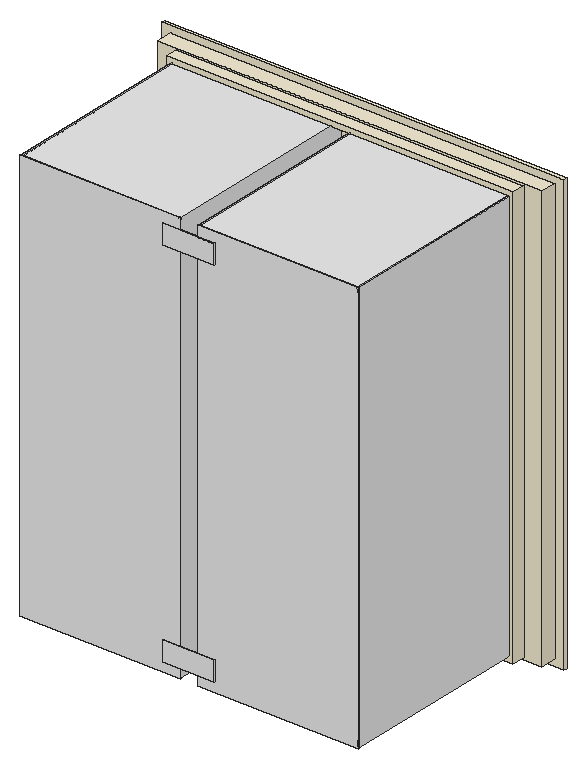
Revit family "4C-9_Door_High_Units_FL.rfa", category Specialty Equipment, host Wall, Revit 2016
Family settings
  Host = Wall
  Part Type = Normal
  Round Connector Dimension = Use Diameter
  Always vertical = Yes
  Cut with Voids When Loaded = No
  Shared = No
  Room Calculation Point = No
Parameters (values of type "3709D-16 FL")
  Width = 31.09766"
  Visible Door Number [instance] = yes
  Vertical Center Divider = yes
  Version = "2.0 (08/09/16)"
  Type Comments = "4C Standard Horizontal Mailbox - Front Loading"
  Top Back Plate = yes
  Right Inside Wall = yes
  Model = "3709D-16 FL"
  MasterFormat Title = "Postal Specialties"
  MasterFormat Number = "10 55 00"
  Manufacturer = "Salsbury Industries"
  Lock Material = Stainless Steel -Salsbury Finish =  Polished
  Left Inside Wall = yes
  Latch Locks - Right Side = no
  Latch Locks - Left Side = no
  Latch Alignment = 14.85742"
  Keynote = ""
  Height = 33.970"
  Front Panel Material [instance] = Aluminum - Salsbury Finish = Sandstone
  Door Slot R9 Number [instance] = "16"
  Door Slot R9 = 3700 Series 4C Door Configurations : MB1 Door w/ Divider
  Door Slot R8 Number [instance] = "15"
  Door Slot R8 = 3700 Series 4C Door Configurations : MB1 Door w/ Divider
  Door Slot R7 Number [instance] = "14"
  Door Slot R7 = 3700 Series 4C Door Configurations : MB1 Door w/ Divider
  Door Slot R6 Number [instance] = "13"
  Door Slot R6 = 3700 Series 4C Door Configurations : MB1 Door w/ Divider
  Door Slot R5 Number [instance] = "0"
  Door Slot R5 = 3700 Series 4C OM2 Configuration : OM2-FL
  Door Slot R4 Number [instance] = "0"
  Door Slot R4 = 3700 Series 4C Door Configurations : Empty
  Door Slot R3 Number [instance] = "12"
  Door Slot R3 = 3700 Series 4C Door Configurations : MB1 Door w/ Divider
  Door Slot R2 Number [instance] = "11"
  Door Slot R2 = 3700 Series 4C Door Configurations : MB1 Door w/ Divider
  Door Slot R1 Number [instance] = "10"
  Door Slot R1 = 3700 Series 4C Door Configurations : MB1 Door
  Door Slot L9 Number [instance] = "9"
  Door Slot L9 = 3700 Series 4C Door Configurations : MB1 Door w/ Divider
  Door Slot L8 Number [instance] = "8"
  Door Slot L8 = 3700 Series 4C Door Configurations : MB1 Door w/ Divider
  Door Slot L7 Number [instance] = "7"
  Door Slot L7 = 3700 Series 4C Door Configurations : MB1 Door w/ Divider
  Door Slot L6 Number [instance] = "6"
  Door Slot L6 = 3700 Series 4C Door Configurations : MB1 Door w/ Divider
  Door Slot L5 Number [instance] = "5"
  Door Slot L5 = 3700 Series 4C Door Configurations : MB1 Door w/ Divider
  Door Slot L4 Number [instance] = "4"
  Door Slot L4 = 3700 Series 4C Door Configurations : MB1 Door w/ Divider
  Door Slot L3 Number [instance] = "3"
  Door Slot L3 = 3700 Series 4C Door Configurations : MB1 Door w/ Divider
  Door Slot L2 Number [instance] = "2"
  Door Slot L2 = 3700 Series 4C Door Configurations : MB1 Door w/ Divider
  Door Slot L1 Number [instance] = "1"
  Door Slot L1 = 3700 Series 4C Door Configurations : MB1 Door
  Description = "9 Door High Unit: 16 MB1, OM2"
  Depth = 17.025"
  Center Extrusion Offset [instance] = 0.000"
  Bottom Back Plate = yes
  Back Enclosure Material = Aluminum - Salsbury Finish = Anodized
  Assembly Code = "C1030910"
  Above Finished Floor (AFF-Bottom of Unit) [instance] = 26.683"
  Above Finished Floor (AFF-Bottom of Door) [instance] = 28.000"
Reference planes (in)
  plane 1 "Wall Centerline": y = 0
  plane 2 "Center (Left/Right)": x = 0
  plane 3 "Front": y = 3
  plane 4 "15" AFF": z = 28
  plane 5 "28" AFF": z = 28
  plane 6 "36" AFF": z = 36
  plane 7 "48" AFF": z = 48
  plane 8 "Bottom of Unit": z = 26.683
  plane 9 "Top of Unit": z = 60.653
  plane 10 "Left Side of Unit": x = 15.54883
  plane 11 "Right Side of Unit": x = -15.54883
  plane 12 "28" AFF_Bottom of Unit": z = 26.683
  plane 13 "Top Horiz Trim Align": z = 59.82225
  plane 14 "Bottom Horiz Trim Align": z = 27.515
  plane 15 "Left Trim Align": x = 14.716
  plane 16 "Right Trim Align": x = -14.716
  plane 17 "Left Door Align": x = 14.06641
  plane 18 "Right Door Align": x = -14.06641
  plane 19 "Top Horiz Door Align": z = 59.23125
  plane 20 "Bottom Horiz Door Align": z = 28
  plane 21 "Front Face of Unit": y = 3.265
  plane 22 "Top Housing Align": z = 60.149
  plane 23 "Top Collar Align": z = 60.001
  plane 24 "Top Box Align": z = 59.646
  plane 25 "Vertical Housing Align": y = 1.795
  plane 26 "Vertical Collar Align": y = 0.795
  plane 27 "Back of Unit": y = -13.76
  plane 28 "Bottom Housing Align": z = 27.187
  plane 29 "Bottom Collar Align": z = 27.335
  plane 30 "Bottom Box Align": z = 27.75
  plane 31 "Door Alignment": y = 2.66809
  plane 32 "Right Housing Align": x = -14.84183
  plane 33 "Right Collar Align": x = -13.40883
  plane 34 "Right Box Side Align": x = -13.08083
  plane 35 "Left Housing Align": x = 14.84183
  plane 36 "Left Collar Align": x = 13.40883
  plane 37 "Left Side Box Align": x = 13.08083
  plane 38 "Top Back Plate Align": z = 58.867
  plane 39 "Back": y = -3
  plane 40 "RO Left Side": x = 15.17383
  plane 41 "RO Right Side": x = -15.17383
  plane 42 "RO Bottom": z = 27.058
  plane 43 "RO Top": z = 60.278
  plane 44 "Horiz Centerline": z = 42.04237
  plane 45: x = 12.99983
  plane 46: x = 12.92758
  plane 47 "Center Extrusion": x = 0
  plane 48 "Center Extrusion Offset": x = 0
  plane 49 "Row 6 Top Align": z = 42
  plane 50 "Row 5 Top Align": z = 45.5
  plane 51 "Row 4 Top Align": z = 49
  plane 52 "Row 3 Top Align": z = 52.5
  plane 53 "Row 2 Top Align": z = 56
  plane 54 "Row 9 Top Align": z = 31.5
  plane 55 "Row 8 Top Align": z = 35
  plane 56 "Row 7 Top Align": z = 38.5
  plane 57 "Top of base shelf": z = 28.41625
  plane 58 "base shelf void": z = 28.23439
  plane 59: z = 29.999
  plane 60: z = 28.499
  plane 61 "bottom of base shelf": z = 27.88469
  plane 62: x = -0.69141
  plane 63: x = 0.69141
  plane 64: z = 37.265
  plane 65: z = 50.131
Forms (in)
  Extrusion 1, void
    sketch origin (0, 3, 0) x (1, 0, 0) y (0, 0, 1)
      loop
        line (15.17383, 60.278) -> (-15.17383, 60.278) -> (-15.17383, 27.058) -> (15.17383, 27.058) -> (15.17383, 60.278)
    from 0 to 15.27914
  Extrusion 2, solid, material "Aluminum - Salsbury Finish = Sandstone" <- "Front Panel Material"
    sketch origin (0, 3, 0) x (1, 0, 0) y (0, 0, 1)
      loop
        line (15.54883, 60.653) -> (-15.54883, 60.653) -> (-15.54883, 26.683) -> (15.54883, 26.683) -> (15.54883, 60.653)
    from -0.265 to 0
  Extrusion 3, void
    sketch origin (0, 3.265, 0.00774) x (0, 0, -1) y (-1, 0, 0)
      loop
        line (-59.81451, -14.716) -> (-27.50726, -14.716) -> (-27.50726, 14.716) -> (-59.81451, 14.716) -> (-59.81451, -14.716)
    from -0.265 to 0
  Extrusion 4, solid, material "Aluminum - Salsbury Finish = Sandstone" <- "Front Panel Material"
    sketch origin (14.98214, 3.265, -1.67978) x (0, 0, -1) y (-1, 0, 0)
      loop
        line (-61.50203, 29.69814) -> (-61.50203, 29.04855) -> (-29.19478, 29.04855) -> (-29.19478, 29.69814) -> (-61.50203, 29.69814)
    from 0 to -0.265
  Extrusion 5, solid, material "Aluminum - Salsbury Finish = Sandstone" <- "Front Panel Material"
    sketch origin (0, 3.265, 84.08475) x (0, 0, 1) y (1, 0, 0)
      loop
        line (-56.56975, 14.06641) -> (-56.56975, -14.06641) -> (-56.08475, -14.06641) -> (-56.08475, 14.06641) -> (-56.56975, 14.06641)
    from -0.265 to 0
  Extrusion 6, solid, material "Aluminum - Salsbury Finish = Sandstone" <- "Front Panel Material"
    sketch origin (0, 3, 84.08475) x (1, 0, 0) y (0, 0, 1)
      loop
        line (-14.84183, -56.89775) -> (14.84183, -56.89775) -> (14.84183, -23.93575) -> (-14.84183, -23.93575) -> (-14.84183, -56.89775)
    from 0 to 1.205
  Extrusion 7, solid, material "Aluminum - Salsbury Finish = Sandstone" <- "Front Panel Material"
    sketch origin (0, 1.795, 0) x (0, 0, 1) y (-1, 0, 0)
      loop
        line (27.335, 13.40883) -> (27.335, -13.40883) -> (60.001, -13.40883) -> (60.001, 13.40883) -> (27.335, 13.40883)
    from 0 to 1
  Extrusion 8, void
    sketch origin (0, 1.795, 0) x (0, 0, 1) y (-1, 0, 0)
      loop
        line (59.646, 13.08083) -> (27.75, 13.08083) -> (27.75, -13.08083) -> (59.646, -13.08083) -> (59.646, 13.08083)
    from 0 to 1
  Extrusion 9, solid, material "Aluminum - Salsbury Finish = Sandstone" <- "Front Panel Material"
    sketch origin (0, 3.265, 0) x (0, 0, -1) y (-1, 0, 0)
      loop
        line (-59.82225, -14.716) -> (-27.515, -14.716) -> (-27.515, -14.06641) -> (-59.82225, -14.06641) -> (-59.82225, -14.716)
    from 0 to -0.265
  Extrusion 10, solid, material "Aluminum - Salsbury Finish = Sandstone" <- "Front Panel Material"
    sketch origin (0, 3.265, 0) x (0, 0, -1) y (-1, 0, 0)
      loop
        line (-59.82225, -14.06641) -> (-59.23125, -14.06641) -> (-59.23125, 14.06641) -> (-59.82225, 14.06641) -> (-59.82225, -14.06641)
    from -0.265 to 0
  Extrusion 11, void
    sketch origin (0, 1.795, 0) x (0, 0, 1) y (-1, 0, 0)
      loop
        line (60.001, -13.40883) -> (60.001, 13.40883) -> (27.335, 13.40883) -> (27.335, -13.40883) -> (60.001, -13.40883)
    from -1.124 to 0
  Extrusion 12, void
    sketch origin (0, 3, 0) x (1, 0, 0) y (0, 0, 1)
      loop
        line (14.06641, 60.001) -> (-14.06641, 60.001) -> (-14.06641, 27.335) -> (14.06641, 27.335) -> (14.06641, 60.001)
    from 0 to 0.33191
  Extrusion 13, solid, material "Aluminum - Salsbury Finish = Anodized" <- "Back Enclosure Material"
    sketch origin (-0.54283, 1.795, 0) x (0, 0, 1) y (-1, 0, 0)
      loop
        line (59.646, 12.538) -> (27.75, 12.538) -> (27.75, 12.457) -> (59.646, 12.457) -> (59.646, 12.538)
    from 0 to 15.47297
  Extrusion 14, solid, material "Aluminum - Salsbury Finish = Anodized" <- "Back Enclosure Material", visible <- "Right Inside Wall"
    sketch origin (11.7675, 1.795, 0) x (0, 0, 1) y (-1, 0, 0)
      loop
        line (59.646, 12.538) -> (27.75, 12.538) -> (27.75, 12.457) -> (59.646, 12.457) -> (59.646, 12.538)
    from 0 to 15.47297
  Extrusion 15, solid, material "Aluminum - Salsbury Finish = Anodized" <- "Back Enclosure Material"
    sketch origin (0.54283, 1.795, 0) x (0, 0, 1) y (-1, 0, 0)
      loop
        line (59.646, -12.538) -> (59.646, -12.457) -> (27.75, -12.457) -> (27.75, -12.538) -> (59.646, -12.538)
    from 0 to 15.47297
  Extrusion 16, solid, material "Aluminum - Salsbury Finish = Anodized" <- "Back Enclosure Material", visible <- "Left Inside Wall"
    sketch origin (-11.7675, 1.795, 0) x (0, 0, 1) y (-1, 0, 0)
      loop
        line (59.646, -12.538) -> (59.646, -12.457) -> (27.75, -12.457) -> (27.75, -12.538) -> (59.646, -12.538)
    from 0 to 15.47297
  Extrusion 17, solid, material "Aluminum - Salsbury Finish = Anodized" <- "Back Enclosure Material"
    sketch origin (0, -13.76, 0) x (0, 0, 1) y (-1, 0, 0)
      loop
        line (59.646, 13.08083) -> (27.75, 13.08083) -> (27.75, -13.08083) -> (59.646, -13.08083) -> (59.646, 13.08083)
    from -0.08203 to 0
  Extrusion 18, solid, material "Aluminum - Salsbury Finish = Anodized" <- "Back Enclosure Material"
    sketch origin (0, 0, 59.646) x (0, 1, 0) y (-1, 0, 0)
      loop
        line (1.795, 12.99983) -> (-13.67797, 12.99983) -> (-13.67797, -12.99983) -> (1.795, -12.99983) -> (1.795, 12.99983)
    from -0.35871 to 0
  Extrusion 19, void
    sketch origin (0, 0, 59.646) x (0, 1, 0) y (-1, 0, 0)
      loop
        line (1.7325, 12.93342) -> (-13.61547, 12.93342) -> (-13.61547, -12.92758) -> (1.7325, -12.92758) -> (1.7325, 12.93342)
    from -0.0723 to -0.6459
  Extrusion 20, solid, material "Aluminum - Salsbury Finish = Anodized" <- "Back Enclosure Material"
    sketch origin (0, 0, 27.88469) x (-1, 0, 0) y (0, -1, 0)
      loop
        line (12.99983, -1.795) -> (12.99983, 13.67797) -> (-12.99983, 13.67797) -> (-12.99983, -1.795) -> (12.99983, -1.795)
    from 0.53156 to 0
  Extrusion 21, void
    sketch origin (0, 0, 27.88469) x (-1, 0, 0) y (0, -1, 0)
      loop
        line (12.93342, -1.7325) -> (12.93342, 13.61547) -> (-12.92758, 13.61547) -> (-12.92758, -1.7325) -> (12.93342, -1.7325)
    from 0.3497 to 0
  Extrusion 22, solid, material "Aluminum - Salsbury Finish = Anodized" <- "Back Enclosure Material", visible <- "Top Back Plate"
    sketch origin (0, -13.76, 0) x (0, 0, 1) y (-1, 0, 0)
      loop
        line (58.867, 2) -> (57.367, 2) -> (57.367, -2) -> (58.867, -2) -> (58.867, 2)
    from 0 to 0.08203
  Extrusion 23, solid, material "Aluminum - Salsbury Finish = Anodized" <- "Back Enclosure Material", visible <- "Bottom Back Plate"
    sketch origin (0, -13.76, 84.11475) x (0, 0, -1) y (1, 0, 0)
      loop
        line (55.61575, -2) -> (55.61575, 2) -> (54.11575, 2) -> (54.11575, -2) -> (55.61575, -2)
    from 0 to 0.08203
  Extrusion 24, void
    sketch origin (0, 0, 0) x (0, 0, 1) y (0, 1, 0)
      loop
        line (59.646, 1.795) -> (59.82225, 1.795) -> (59.82225, 3.265) -> (27.515, 3.265) -> (27.515, 1.795) -> (27.75, 1.795) -> (27.75, -13.76) -> (59.646, -13.76) -> (59.646, 1.795)
    from -0.69141 to 0.69141
  Extrusion 25, solid, material "Aluminum - Salsbury Finish = Sandstone" <- "Front Panel Material", visible <- "Vertical Center Divider"
    sketch origin (-0.77934, 3.265, 0) x (0, 0, -1) y (-1, 0, 0)
      loop
        line (-59.82225, -1.47075) -> (-27.515, -1.47075) -> (-27.515, -0.08794) -> (-59.82225, -0.08794) -> (-59.82225, -1.47075)
    from 0 to -1.47
Cuts and joins
  Extrusion 3, Extrusion 11, Extrusion 24 cuts Extrusion 2
  Extrusion 8, Extrusion 11, Extrusion 12, Extrusion 24 cuts Extrusion 5
  Extrusion 8, Extrusion 12, Extrusion 19, Extrusion 24 cuts Extrusion 7
  Extrusion 11, Extrusion 12, Extrusion 24 cuts Extrusion 10
  Extrusion 11, Extrusion 12 cuts Extrusion 6
  Extrusion 12 cuts Extrusion 4
  Extrusion 12 cuts Extrusion 9
  Extrusion 19, Extrusion 21, Extrusion 24 cuts Extrusion 18
  Extrusion 21, Extrusion 24 cuts Extrusion 20
  Extrusion 24 cuts Extrusion 17
  Extrusion 24 cuts Extrusion 22
  Extrusion 24 cuts Extrusion 23
Lines and regions (in)
  model lines
    curve 1: line (15.54883, 3.265, 60.653) -> (14.716, 3.265, 59.82017)
    curve 2: line (-15.54883, 3.265, 60.653) -> (-14.716, 3.265, 59.82017)
    curve 3: line (-15.54883, 3.265, 26.683) -> (-14.716, 3.265, 27.51583)
    curve 4: line (15.54883, 3.265, 26.683) -> (14.716, 3.265, 27.51583)
  reference lines
    curve 5: line (-14.06641, 2.66809, 25.683) -> (-14.06641, 2.66809, 64.93425)
    curve 6: line (14.06641, 2.66809, 26.183) -> (14.06641, 2.66809, 64.93425)
Text (in)
  text "Placement Side" at (0, 40.15149, 123.01588), in view "Right"
  text "Placement Side" at (-58.6842, 42.74981, 0), in view "Ref. Level"
  text "Placement Side" at (0, 47.49176, 140.59947), in view "Left"
Dimensions and locks (in)
  locked: plane 3 "Front" to host wall
  "Above Finished Floor (AFF-Bottom of Door)": level to plane 4 "15" AFF"
  locked: level to plane 5 "28" AFF" at 28
  locked: level to plane 6 "36" AFF" at 36
  locked: level to plane 7 "48" AFF" at 48
  equal spacing: plane 11 "Right Side of Unit", plane 2 "Center (Left/Right)", plane 10 "Left Side of Unit"
  plane 8 "Bottom of Unit" to plane 4 "15" AFF" = 1.317"
  "Width": plane 11 "Right Side of Unit" to plane 10 "Left Side of Unit"
  "Height": plane 8 "Bottom of Unit" to plane 9 "Top of Unit"
  plane 12 "28" AFF_Bottom of Unit" to plane 5 "28" AFF" = 1.317"
  locked: plane 15 "Left Trim Align" to plane 10 "Left Side of Unit" at 0.83283
  locked: plane 16 "Right Trim Align" to plane 11 "Right Side of Unit" at 0.83283
  locked: plane 13 "Top Horiz Trim Align" to plane 9 "Top of Unit" at 0.83075
  locked: plane 8 "Bottom of Unit" to plane 14 "Bottom Horiz Trim Align" at 0.832
  plane 17 "Left Door Align" to plane 15 "Left Trim Align" = 0.64959"
  plane 18 "Right Door Align" to plane 16 "Right Trim Align" = 0.64959"
  locked: plane 19 "Top Horiz Door Align" to plane 13 "Top Horiz Trim Align" at 0.591
  locked: plane 14 "Bottom Horiz Trim Align" to plane 20 "Bottom Horiz Door Align" at 0.485
  plane 20 "Bottom Horiz Door Align" to level = 28.000"
  plane 5 "28" AFF" to level = 28.000"
  plane 6 "36" AFF" to level = 36.000"
  plane 7 "48" AFF" to level = 48.000"
  plane 9 "Top of Unit" to plane 8 "Bottom of Unit" = 33.970"
  plane 21 "Front Face of Unit" to host wall = 0.265"
  locked: host wall to plane 25 "Vertical Housing Align" at 1.205
  locked: plane 25 "Vertical Housing Align" to plane 26 "Vertical Collar Align" at 1
  plane 25 "Vertical Housing Align" to plane 27 "Back of Unit" = 15.555"
  "Depth": plane 21 "Front Face of Unit" to plane 27 "Back of Unit"
  locked: plane 9 "Top of Unit" to plane 22 "Top Housing Align" at 0.504
  locked: plane 22 "Top Housing Align" to plane 23 "Top Collar Align" at 0.148
  locked: plane 23 "Top Collar Align" to plane 24 "Top Box Align" at 0.355
  locked: plane 28 "Bottom Housing Align" to plane 8 "Bottom of Unit" at 0.504
  locked: plane 29 "Bottom Collar Align" to plane 28 "Bottom Housing Align" at 0.148
  locked: plane 30 "Bottom Box Align" to plane 29 "Bottom Collar Align" at 0.415
  plane 24 "Top Box Align" to plane 30 "Bottom Box Align" = 31.896"  (x2)
  locked: plane 21 "Front Face of Unit" to plane 31 "Door Alignment" at 0.59691
  plane 11 "Right Side of Unit" to plane 32 "Right Housing Align" to plane 33 "Right Collar Align" to plane 34 "Right Box Side Align" = 0.707" locked, 1.433" locked, 0.328" locked
  plane 37 "Left Side Box Align" to plane 36 "Left Collar Align" to plane 35 "Left Housing Align" to plane 10 "Left Side of Unit" = 0.328" locked, 1.433" locked, 0.707" locked
  plane 11 "Right Side of Unit" to plane 32 "Right Housing Align" to plane 33 "Right Collar Align" to plane 34 "Right Box Side Align" = 0.707", 1.433", 0.328"
  plane 37 "Left Side Box Align" to plane 36 "Left Collar Align" to plane 35 "Left Housing Align" to plane 10 "Left Side of Unit" = 0.328", 1.433", 0.707"
  plane 9 "Top of Unit" to plane 24 "Top Box Align" = 1.007"
  plane 30 "Bottom Box Align" to plane 8 "Bottom of Unit" = 1.067"
  locked: plane 24 "Top Box Align" to plane 38 "Top Back Plate Align" at 0.779
  locked: plane 40 "RO Left Side" to plane 10 "Left Side of Unit" at 0.375
  locked: plane 41 "RO Right Side" to plane 11 "Right Side of Unit" at 0.375
  locked: plane 8 "Bottom of Unit" to plane 42 "RO Bottom" at 0.375
  locked: plane 43 "RO Top" to plane 9 "Top of Unit" at 0.375
  Extrusion 13 to Extrusion 13 = 0.081"
  Extrusion 15 to Extrusion 15 = 0.081"
  plane 45 to plane 37 "Left Side Box Align" = 0.081"
  plane 46 to plane 45 = 0.07225"
  plane 18 "Right Door Align" to plane 17 "Left Door Align" = 28.13281"
  "Center Extrusion Offset": plane 47 "Center Extrusion" to plane 48 "Center Extrusion Offset"
  plane 20 "Bottom Horiz Door Align" to plane 54 "Row 9 Top Align" to plane 55 "Row 8 Top Align" to plane 56 "Row 7 Top Align" to plane 49 "Row 6 Top Align" to plane 50 "Row 5 Top Align" = 3.500" locked, 3.500" locked, 3.500" locked, 3.500" locked, 3.500" locked
  plane 50 "Row 5 Top Align" to plane 51 "Row 4 Top Align" to plane 52 "Row 3 Top Align" to plane 53 "Row 2 Top Align" = 3.500" locked, 3.500" locked, 3.500" locked
  plane 57 "Top of base shelf" to plane 58 "base shelf void" to plane 61 "bottom of base shelf" to plane 30 "Bottom Box Align" = 0.18186" locked, 0.3497" locked, 0.13469" locked
  plane 59 to plane 60 to plane 8 "Bottom of Unit" = 1.500" locked, 1.816" locked
  "Above Finished Floor (AFF-Bottom of Unit)": level to plane 8 "Bottom of Unit"
  locked: plane 62 to plane 63 at 1.38281
  plane 64 to plane 30 "Bottom Box Align" = 9.515"
  plane 24 "Top Box Align" to plane 65 = 9.515"
  "Latch Alignment": plane 11 "Right Side of Unit" to plane 62
  aligned and locked: plane 8 "Bottom of Unit" to Extrusion 2 sketch curve
  aligned and locked: plane 10 "Left Side of Unit" to Extrusion 2 sketch curve
  aligned and locked: Extrusion 2 sketch curve to plane 11 "Right Side of Unit"
  aligned and locked: Extrusion 2 sketch curve to plane 9 "Top of Unit"
  aligned and locked: plane 21 "Front Face of Unit" to Extrusion 2
  aligned and locked: Extrusion 4 to plane 16 "Right Trim Align"
  aligned and locked: plane 18 "Right Door Align" to Extrusion 4
  aligned and locked: plane 13 "Top Horiz Trim Align" to Extrusion 4
  aligned and locked: Extrusion 5 to plane 14 "Bottom Horiz Trim Align"
  aligned and locked: Extrusion 5 to plane 17 "Left Door Align"
  aligned and locked: plane 20 "Bottom Horiz Door Align" to Extrusion 5
  aligned and locked: Extrusion 5 to plane 18 "Right Door Align"
  aligned and locked: plane 34 "Right Box Side Align" to Extrusion 17 sketch curve
  aligned and locked: Extrusion 17 sketch curve to plane 24 "Top Box Align"
  aligned and locked: Extrusion 17 sketch curve to plane 37 "Left Side Box Align"
  aligned and locked: plane 30 "Bottom Box Align" to Extrusion 17 sketch curve
  aligned and locked: plane 25 "Vertical Housing Align" to Extrusion 18 sketch curve
  aligned and locked: Extrusion 18 sketch curve to plane 45
  aligned and locked: plane 46 to Extrusion 19
  aligned and locked: plane 45 to cut or joined group of Extrusion 18, Extrusion 19, Extrusion 21, Extrusion 24
  aligned and locked: plane 25 "Vertical Housing Align" to Extrusion 20 sketch curve
  aligned and locked: Extrusion 20 sketch curve to plane 45
  aligned and locked: plane 46 to cut or joined group of Extrusion 20, Extrusion 21, Extrusion 24
  aligned and locked: plane 17 "Left Door Align" to cut or joined group of Extrusion 9, Extrusion 12
  aligned and locked: plane 25 "Vertical Housing Align" to Extrusion 25
  aligned and locked: plane 21 "Front Face of Unit" to Extrusion 25
  aligned and locked: nested 10 to plane 17 "Left Door Align"
  aligned and locked: plane 31 "Door Alignment" to nested 10  (x2)
  aligned and locked: nested 11 to plane 17 "Left Door Align"
  aligned and locked: plane 31 "Door Alignment" to nested 11  (x2)
  aligned and locked: nested 16 to plane 17 "Left Door Align"
  aligned and locked: plane 31 "Door Alignment" to nested 16
  aligned and locked: nested 17 to plane 17 "Left Door Align"
  aligned and locked: plane 31 "Door Alignment" to nested 17  (x2)
  aligned and locked: nested 9 to curve 5
  aligned and locked: nested 8 to curve 5
  aligned and locked: nested 7 to curve 5
  aligned and locked: nested 6 to curve 5
  aligned and locked: nested 5 to curve 5
  aligned and locked: nested 3 to curve 5
  aligned and locked: nested 18 to curve 6
  aligned and locked: nested 17 to curve 6
  aligned and locked: nested 16 to curve 6
  aligned and locked: nested 15 to curve 6
  aligned and locked: nested 14 to curve 6
  aligned and locked: nested 13 to curve 6
  aligned and locked: nested 12 to curve 6
  aligned and locked: nested 11 to curve 6
  aligned and locked: nested 10 to curve 6
  aligned and locked: plane 31 "Door Alignment" to nested 6
  aligned and locked: plane 31 "Door Alignment" to nested 9
  aligned and locked: plane 31 "Door Alignment" to nested 8
  aligned and locked: plane 31 "Door Alignment" to nested 15
  aligned and locked: plane 31 "Door Alignment" to nested 5
  aligned and locked: plane 31 "Door Alignment" to nested 3
  aligned and locked: plane 31 "Door Alignment" to nested 12
  aligned and locked: plane 31 "Door Alignment" to nested 14
  aligned and locked: plane 31 "Door Alignment" to nested 2
  aligned and locked: plane 31 "Door Alignment" to nested 4
  aligned and locked: nested 1 to curve 5
  aligned and locked: nested 2 to curve 5
  aligned and locked: nested 4 to curve 5
  aligned and locked: plane 31 "Door Alignment" to nested 1
  aligned and locked: plane 31 "Door Alignment" to nested 7
  aligned and locked: cut or joined group of Extrusion 23, Extrusion 24 to plane 60
  aligned and locked: plane 57 "Top of base shelf" to cut or joined group of Extrusion 20, Extrusion 21, Extrusion 24
  aligned and locked: cut or joined group of Extrusion 20, Extrusion 21, Extrusion 24 to plane 61 "bottom of base shelf"
  aligned and locked: plane 20 "Bottom Horiz Door Align" to nested 9
  aligned and locked: plane 20 "Bottom Horiz Door Align" to nested 18
  aligned and locked: plane 54 "Row 9 Top Align" to nested 8
  aligned and locked: plane 54 "Row 9 Top Align" to nested 17
  aligned and locked: plane 55 "Row 8 Top Align" to nested 7
  aligned and locked: plane 55 "Row 8 Top Align" to nested 16
  aligned and locked: plane 56 "Row 7 Top Align" to nested 6
  aligned and locked: plane 56 "Row 7 Top Align" to nested 15
  aligned and locked: plane 49 "Row 6 Top Align" to nested 5
  aligned and locked: plane 49 "Row 6 Top Align" to nested 14
  aligned and locked: plane 50 "Row 5 Top Align" to nested 4
  aligned and locked: plane 50 "Row 5 Top Align" to nested 13
  aligned and locked: plane 51 "Row 4 Top Align" to nested 3
  aligned and locked: plane 51 "Row 4 Top Align" to nested 12
  aligned and locked: plane 52 "Row 3 Top Align" to nested 2
  aligned and locked: plane 52 "Row 3 Top Align" to nested 11
  aligned and locked: plane 53 "Row 2 Top Align" to nested 1
  aligned and locked: plane 53 "Row 2 Top Align" to nested 10
  aligned and locked: plane 31 "Door Alignment" to nested 13
  aligned and locked: plane 31 "Door Alignment" to nested 18
  aligned and locked: nested 20 to plane 27 "Back of Unit"
  aligned and locked: nested 19 to plane 27 "Back of Unit"
  aligned and locked: nested 22 to plane 27 "Back of Unit"
  aligned and locked: nested 21 to plane 27 "Back of Unit"
  aligned and locked: plane 64 to nested 22
  aligned and locked: plane 64 to nested 21
  aligned and locked: plane 62 to nested 21
  aligned and locked: plane 63 to nested 22
  aligned and locked: plane 65 to nested 20
  aligned and locked: plane 65 to nested 19
  aligned and locked: plane 62 to nested 19
  aligned and locked: plane 63 to nested 20
Automatic sketch dimensions
  Extrusion 1 sketch curve to plane 41 "RO Right Side" = 0.000"
  plane 40 "RO Left Side" to Extrusion 1 sketch curve = 0.000"
  Extrusion 1 sketch curve to plane 42 "RO Bottom" = 0.000"
  Extrusion 1 sketch curve to plane 43 "RO Top" = 0.000"
  Extrusion 6 sketch curve to plane 22 "Top Housing Align" = 0.000"
  Extrusion 6 sketch curve to plane 32 "Right Housing Align" = 0.000"
  Extrusion 6 sketch curve to plane 35 "Left Housing Align" = 0.000"
  Extrusion 6 sketch curve to plane 28 "Bottom Housing Align" = 0.000"
  Extrusion 7 sketch curve to plane 29 "Bottom Collar Align" = 0.000"
  Extrusion 7 sketch curve to plane 23 "Top Collar Align" = 0.000"
  plane 36 "Left Collar Align" to Extrusion 7 sketch curve = 0.000"
  Extrusion 7 sketch curve to plane 33 "Right Collar Align" = 0.000"
  Extrusion 8 sketch curve to plane 30 "Bottom Box Align" = 0.000"
  Extrusion 8 sketch curve to plane 24 "Top Box Align" = 0.000"
  Extrusion 8 sketch curve to plane 37 "Left Side Box Align" = 0.000"
  plane 34 "Right Box Side Align" to Extrusion 8 sketch curve = 0.000"
  Extrusion 11 sketch curve to plane 29 "Bottom Collar Align" = 0.000"
  Extrusion 11 sketch curve to plane 23 "Top Collar Align" = 0.000"
  plane 36 "Left Collar Align" to Extrusion 11 sketch curve = 0.000"
  plane 33 "Right Collar Align" to Extrusion 11 sketch curve = 0.000"
  Extrusion 13 sketch curve to plane 30 "Bottom Box Align" = 0.000"
  Extrusion 13 sketch curve to plane 24 "Top Box Align" = 0.000"
  plane 34 "Right Box Side Align" to Extrusion 13 sketch curve = 0.000"
  Extrusion 13 sketch curve to Extrusion 13 sketch curve = 0.081"
  Extrusion 15 sketch curve to plane 30 "Bottom Box Align" = 0.000"
  Extrusion 15 sketch curve to plane 24 "Top Box Align" = 0.000"
  plane 37 "Left Side Box Align" to Extrusion 15 sketch curve = 0.000"
  plane 37 "Left Side Box Align" to Extrusion 15 sketch curve = 0.081"
  Extrusion 18 sketch curve to plane 27 "Back of Unit" = 0.08203"
  plane 34 "Right Box Side Align" to Extrusion 18 sketch curve = 0.081"
  curve 2 to plane 9 "Top of Unit" = 0.000"
  curve 1 to plane 9 "Top of Unit" = 0.000"
  curve 2 to plane 16 "Right Trim Align" = 0.000"
  plane 15 "Left Trim Align" to curve 1 = 0.000"
  curve 3 to plane 16 "Right Trim Align" = 0.000"
  plane 15 "Left Trim Align" to curve 4 = 0.000"
  curve 4 to plane 8 "Bottom of Unit" = 0.000"
  curve 3 to plane 8 "Bottom of Unit" = 0.000"
  plane 10 "Left Side of Unit" to curve 4 = 0.000"
  plane 10 "Left Side of Unit" to curve 1 = 0.000"
  plane 11 "Right Side of Unit" to curve 3 = 0.000"
  plane 11 "Right Side of Unit" to curve 2 = 0.000"
  curve 2 to plane 13 "Top Horiz Trim Align" = 0.00208"
  curve 1 to plane 13 "Top Horiz Trim Align" = 0.00208"
  plane 14 "Bottom Horiz Trim Align" to curve 3 = 0.00083"
  plane 14 "Bottom Horiz Trim Align" to curve 4 = 0.00083"
  Extrusion 3 sketch curve to plane 13 "Top Horiz Trim Align" = 0.000"
  Extrusion 3 sketch curve to plane 14 "Bottom Horiz Trim Align" = 0.000"
  plane 15 "Left Trim Align" to Extrusion 3 sketch curve = 0.000"
  Extrusion 3 sketch curve to plane 16 "Right Trim Align" = 0.000"
  plane 13 "Top Horiz Trim Align" to Extrusion 4 sketch curve = 0.000"
  plane 14 "Bottom Horiz Trim Align" to Extrusion 4 sketch curve = 0.000"
  Extrusion 4 sketch curve to plane 16 "Right Trim Align" = 0.000"
  Extrusion 4 sketch curve to plane 18 "Right Door Align" = 0.000"
  Extrusion 5 sketch curve to plane 14 "Bottom Horiz Trim Align" = 0.000"
  Extrusion 5 sketch curve to plane 4 "15" AFF" = 0.000"
  plane 17 "Left Door Align" to Extrusion 5 sketch curve = 0.000"
  Extrusion 5 sketch curve to plane 18 "Right Door Align" = 0.000"
  Extrusion 9 sketch curve to plane 13 "Top Horiz Trim Align" = 0.000"
  Extrusion 9 sketch curve to plane 14 "Bottom Horiz Trim Align" = 0.000"
  plane 15 "Left Trim Align" to Extrusion 9 sketch curve = 0.000"
  plane 17 "Left Door Align" to Extrusion 9 sketch curve = 0.000"
  Extrusion 10 sketch curve to plane 13 "Top Horiz Trim Align" = 0.000"
  plane 17 "Left Door Align" to Extrusion 10 sketch curve = 0.000"
  Extrusion 10 sketch curve to plane 18 "Right Door Align" = 0.000"
  Extrusion 10 sketch curve to plane 19 "Top Horiz Door Align" = 0.000"
  Extrusion 12 sketch curve to plane 18 "Right Door Align" = 0.000"
  plane 17 "Left Door Align" to Extrusion 12 sketch curve = 0.000"
  Extrusion 12 sketch curve to plane 29 "Bottom Collar Align" = 0.000"
  Extrusion 12 sketch curve to plane 23 "Top Collar Align" = 0.000"
  Extrusion 14 sketch curve to plane 30 "Bottom Box Align" = 0.000"
  Extrusion 14 sketch curve to plane 24 "Top Box Align" = 0.000"
  Extrusion 14 sketch curve to plane 2 "Center (Left/Right)" = 0.6895"
  Extrusion 14 sketch curve to Extrusion 14 sketch curve = 0.081"
  Extrusion 16 sketch curve to plane 30 "Bottom Box Align" = 0.000"
  Extrusion 16 sketch curve to plane 24 "Top Box Align" = 0.000"
  Extrusion 16 sketch curve to plane 2 "Center (Left/Right)" = 0.6895"
  Extrusion 16 sketch curve to Extrusion 16 sketch curve = 0.081"
  Extrusion 19 sketch curve to plane 46 = 0.000"
  Extrusion 19 sketch curve to plane 27 "Back of Unit" = 0.14453"
  plane 25 "Vertical Housing Align" to Extrusion 19 sketch curve = 0.0625"
  plane 34 "Right Box Side Align" to Extrusion 19 sketch curve = 0.14741"
  Extrusion 22 sketch curve to plane 38 "Top Back Plate Align" = 0.000"
  plane 38 "Top Back Plate Align" to Extrusion 22 sketch curve = 1.500"
  plane 2 "Center (Left/Right)" to Extrusion 22 sketch curve = 2.000"
  Extrusion 22 sketch curve to plane 2 "Center (Left/Right)" = 2.000"
  Extrusion 23 sketch curve to plane 2 "Center (Left/Right)" = 2.000"
  plane 2 "Center (Left/Right)" to Extrusion 23 sketch curve = 2.000"
  Extrusion 24 sketch curve to plane 14 "Bottom Horiz Trim Align" = 0.000"
  Extrusion 24 sketch curve to plane 25 "Vertical Housing Align" = 0.000"  (x2)
  Extrusion 24 sketch curve to plane 30 "Bottom Box Align" = 0.000"
  Extrusion 24 sketch curve to plane 24 "Top Box Align" = 0.000"
  Extrusion 24 sketch curve to plane 13 "Top Horiz Trim Align" = 0.000"
  Extrusion 24 sketch curve to plane 27 "Back of Unit" = 0.000"
  Extrusion 24 sketch curve to plane 21 "Front Face of Unit" = 0.000"
  Extrusion 25 sketch curve to plane 13 "Top Horiz Trim Align" = 0.000"
  Extrusion 25 sketch curve to plane 14 "Bottom Horiz Trim Align" = 0.000"
  plane 2 "Center (Left/Right)" to Extrusion 25 sketch curve = 0.69141"
  Extrusion 25 sketch curve to plane 2 "Center (Left/Right)" = 0.69141"
  curve 5 to plane 18 "Right Door Align" = 0.000"
  plane 17 "Left Door Align" to curve 6 = 0.000"
  curve 5 to plane 8 "Bottom of Unit" = 1.000"
  curve 6 to plane 8 "Bottom of Unit" = 0.500"
  plane 9 "Top of Unit" to curve 6 = 4.28125"
  plane 9 "Top of Unit" to curve 5 = 4.28125"
  Extrusion 23 sketch curve to plane 4 "15" AFF" = 0.499"
  Extrusion 23 sketch curve to Extrusion 23 sketch curve = 1.500"
  plane 34 "Right Box Side Align" to Extrusion 20 sketch curve = 0.081"
  Extrusion 20 sketch curve to plane 27 "Back of Unit" = 0.08203"
  Extrusion 21 sketch curve to plane 46 = 0.000"
  plane 34 "Right Box Side Align" to Extrusion 21 sketch curve = 0.14741"
  plane 25 "Vertical Housing Align" to Extrusion 21 sketch curve = 0.0625"
  Extrusion 21 sketch curve to plane 27 "Back of Unit" = 0.14453"
Nested families (in)
  nested 1: "3700 Series 4C Door Configurations" at (-7.37891, 2.79505, 56) x (-1, 0, 0) z (0, 0, 1), type <- "Door Slot R1", Door Number <- "Door Slot R1 Number", type "MB1 Door"
    with Door Number "10"
  nested 2: "3700 Series 4C Door Configurations" at (-7.37891, 2.79505, 52.5) x (-1, 0, 0) z (0, 0, 1), type <- "Door Slot R2", Door Number <- "Door Slot R2 Number", type "MB1 Door w/ Divider"
    with Door Number "11"
  nested 3: "3700 Series 4C Door Configurations" at (-7.37891, 2.79505, 49) x (-1, 0, 0) z (0, 0, 1), type <- "Door Slot R3", Door Number <- "Door Slot R3 Number", type "MB1 Door w/ Divider"
    with Door Number "12"
  nested 4: "3700 Series 4C Door Configurations" at (-7.37891, 2.79505, 45.5) x (-1, 0, 0) z (0, 0, 1), type <- "Door Slot R4", Door Number <- "Door Slot R4 Number", type "Empty"
    with Door Number "0"
  nested 5: "3700 Series 4C OM2 Configuration" at (-7.37891, 2.79505, 42) x (-1, 0, 0) z (0, 0, 1), type <- "Door Slot R5", Door Number <- "Door Slot R5 Number", type "OM2-FL"
    with Door Number "0"
  nested 6: "3700 Series 4C Door Configurations" at (-7.37891, 2.79505, 38.5) x (-1, 0, 0) z (0, 0, 1), type <- "Door Slot R6", Door Number <- "Door Slot R6 Number", type "MB1 Door w/ Divider"
    with Door Number "13"
  nested 7: "3700 Series 4C Door Configurations" at (-7.37891, 2.79505, 35) x (-1, 0, 0) z (0, 0, 1), type <- "Door Slot R7", Door Number <- "Door Slot R7 Number", type "MB1 Door w/ Divider"
    with Door Number "14"
  nested 8: "3700 Series 4C Door Configurations" at (-7.37891, 2.79505, 31.5) x (-1, 0, 0) z (0, 0, 1), type <- "Door Slot R8", Door Number <- "Door Slot R8 Number", type "MB1 Door w/ Divider"
    with Door Number "15"
  nested 9: "3700 Series 4C Door Configurations" at (-7.37891, 2.79505, 28) x (-1, 0, 0) z (0, 0, 1), type <- "Door Slot R9", Door Number <- "Door Slot R9 Number", type "MB1 Door w/ Divider"
    with Door Number "16"
  nested 10: "3700 Series 4C Door Configurations" at (7.37891, 2.79505, 56) x (-1, 0, 0) z (0, 0, 1), type <- "Door Slot L1", Door Number <- "Door Slot L1 Number", type "MB1 Door"
    with Door Number "1"
  nested 11: "3700 Series 4C Door Configurations" at (7.37891, 2.79505, 52.5) x (-1, 0, 0) z (0, 0, 1), type <- "Door Slot L2", Door Number <- "Door Slot L2 Number", type "MB1 Door w/ Divider"
    with Door Number "2"
  nested 12: "3700 Series 4C Door Configurations" at (7.37891, 2.79505, 49) x (-1, 0, 0) z (0, 0, 1), type <- "Door Slot L3", Door Number <- "Door Slot L3 Number", type "MB1 Door w/ Divider"
    with Door Number "3"
  nested 13: "3700 Series 4C Door Configurations" at (7.37891, 2.79505, 45.5) x (-1, 0, 0) z (0, 0, 1), type <- "Door Slot L4", Door Number <- "Door Slot L4 Number", type "MB1 Door w/ Divider"
    with Door Number "4"
  nested 14: "3700 Series 4C Door Configurations" at (7.37891, 2.79505, 42) x (-1, 0, 0) z (0, 0, 1), type <- "Door Slot L5", Door Number <- "Door Slot L5 Number", type "MB1 Door w/ Divider"
    with Door Number "5"
  nested 15: "3700 Series 4C Door Configurations" at (7.37891, 2.79505, 38.5) x (-1, 0, 0) z (0, 0, 1), type <- "Door Slot L6", Door Number <- "Door Slot L6 Number", type "MB1 Door w/ Divider"
    with Door Number "6"
  nested 16: "3700 Series 4C Door Configurations" at (7.37891, 2.79505, 35) x (-1, 0, 0) z (0, 0, 1), Door Number <- "Door Slot L7 Number", type <- "Door Slot L7", type "MB1 Door w/ Divider"
    with Door Number "7"
  nested 17: "3700 Series 4C Door Configurations" at (7.37891, 2.79505, 31.5) x (-1, 0, 0) z (0, 0, 1), type <- "Door Slot L8", Door Number <- "Door Slot L8 Number", type "MB1 Door w/ Divider"
    with Door Number "8"
  nested 18: "3700 Series 4C Door Configurations" at (7.37891, 2.79505, 28) x (-1, 0, 0) z (0, 0, 1), type <- "Door Slot L9", Door Number <- "Door Slot L9 Number", type "MB1 Door w/ Divider"
    with Door Number "9"
  nested 19: "4C Latch Lock-Right" at (-1.81641, -13.882, 49.4435) x (-1, 0, 0) z (0, 0, 1), type "Lock Latch"
    with Visible Latch no
  nested 20: "4C Latch Lock-Left" at (1.81641, -13.882, 49.4435) x (-1, 0, 0) z (0, 0, 1), type "Lock Latch"
    with Visible Latch no
  nested 21: "4C Latch Lock-Right" at (-1.81641, -13.882, 36.5775) x (-1, 0, 0) z (0, 0, 1), type "Lock Latch"
    with Visible Latch no
  nested 22: "4C Latch Lock-Left" at (1.81641, -13.882, 36.5775) x (-1, 0, 0) z (0, 0, 1), type "Lock Latch"
    with Visible Latch no
Definition of nested family "3700 Series 4C Door Configurations"
  Parameters (values of type "MB1 Door w/ Divider")
    Weight = "5 lbs."
    Visible Door Number = yes
    URL = ""
    Model = "3700MB1"
    Manufacturer = "Salsbury Industries"
    Lock Material = none
    Inset Offset = 0.000"
    Front Panel Material = none
    Door Width = 13.375"
    Door Visibility-MB1 = yes
    Door Number [instance] = "101"
    Door Lock = yes
    Door Height = 3.23047"
    Door Divider = yes
    Door Depth = 0.25391"
    Description = "MB1 Door for 3700 Series 4C Mailboxes"
    Cost = 0
    Center Lock-Vertical = 0.875"
    Center Lock-Horizontal = 1.61523"
  Types (11): name | Weight | Visible Door Number | Model | Inset Offset | Door Visibility-MB1 | Door Lock | Door Height | Door Divider | Description
    MB1 Door w/ Divider | "5 lbs." | yes | "3700MB1" | 0.000" | yes | yes | 3.23047" | yes | "MB1 Door for 3700 Series 4C Mailboxes"
    MB1 Door | "5 lbs." | yes | "3700MB1" | 0.000" | yes | yes | 3.23047" | no | "MB1 Door for 3700 Series 4C Mailboxes"
    MB2 Door | "10 lbs." | yes | "3700MB2" | 0.000" | yes | yes | 6.73047" | no | "MB2 Door for 3700 Series 4C Mailboxes"
    MB2 Door w/ Divider | "10 lbs." | yes | "3700MB2" | 0.000" | yes | yes | 6.73047" | yes | "MB2 Door for 3700 Series 4C Mailboxes"
    MB3 Door | "15 lbs." | yes | "3700MB3" | 0.000" | yes | yes | 10.23047" | no | "MB3 Door for 3700 Series 4C Mailboxes"
    MB3 Door w/ Divider | "15 lbs." | yes | "3700MB3" | 0.000" | yes | yes | 10.23047" | yes | "MB3 Door for 3700 Series 4C Mailboxes"
    MB4 Door | "20 lbs." | yes | "3700MB4" | 0.000" | yes | yes | 13.73047" | no | "MB4 Door for 3700 Series 4C Mailboxes"
    MB4 Door w/ Divider | "20 lbs." | yes | "3700MB4" | 0.000" | yes | yes | 13.73047" | yes | "MB4 Door for 3700 Series 4C Mailboxes"
    Blank Door | "5 lbs." | no | "3700MB1" | 0.18359" | yes | no | 3.23047" | no | "MB1 Door for 3700 Series 4C Mailboxes"
    Blank Door w/ Divider | "5 lbs." | no | "3700MB1" | 0.18402" | yes | no | 3.23047" | yes | "MB1 Door for 3700 Series 4C Mailboxes"
    Empty | "5 lbs." | no | "Empty MB1" | 0.18359" | no | no | 3.23047" | no | "Empty MB1 Door for 3700 Series 4C Mailboxes"
  Reference planes (in)
    plane 1 "Center (Front/Back)": y = 0
    plane 2 "Bottom of Door": z = 0
    plane 3 "Center (Left/Right)": x = 0
    plane 4 "Left Side Face of Door": x = -6.6875
    plane 5 "Right Side Face of Door": x = 6.6875
    plane 6 "Back Face of Door": y = 0.12695
    plane 7 "Front Face of Door": y = -0.12695
    plane 8: z = 3.23047
    plane 9: z = 1.61523
    plane 10 "Face of Divider": y = -0.46995
    plane 11 "Center Lock Vertical": x = -5.8125
    plane 12 "Center Lock Horizontal": z = 1.61523
    plane 13 "Face of Lock": y = -0.42383
    plane 14 "Divider Height Align": z = 3.50047
    plane 15 "Inset Center": x = -0.0975
    plane 16 "Inset Offset": y = -0.12695
    plane 17: z = 1.99038
    plane 18: z = 1.24072
  Forms (in)
    Extrusion 1, solid, material <- "Front Panel Material", visible <- "Door Visibility-MB1"
      sketch origin (0, 0, 0) x (1, 0, 0) y (0, 1, 0)
        loop
          line (-6.4355, 0.12695) -> (-6.6875, -0.05445) -> (-6.6875, -0.12695) -> (6.05625, -0.12695)
          arc (6.05625, -0.12695) -> (6.19558, -0.17661) -> (6.27209, -0.3032) r 0.22029
          arc (6.27209, -0.3032) -> (6.3553, -0.42132) -> (6.4925, -0.46664) r 0.23034
          arc (6.4925, -0.46664) -> (6.63039, -0.40952) -> (6.6875, -0.27164) r 0.195
          line (6.6875, -0.27164) -> (6.6875, 0.12695) -> (-6.4355, 0.12695)
      from 0 to 3.23047
    Blend 2, solid, material <- "Lock Material", visible <- "Door Lock"
      base sketch origin (0, -0.12695, 0) x (-1, 0, 0) y (0, 0, 1)
        loop
          circle (5.8125, 1.61523) r 0.525
      top sketch origin (0, -0.12695, 0) x (-1, 0, 0) y (0, 0, 1)
        loop
          circle (5.8125, 1.61523) r 0.485
      from 0 to -0.29688
    Extrusion 3, solid, material <- "Front Panel Material", visible <- "Door Divider"
      sketch origin (0, 0, 3.50047) x (-1, 0, 0) y (0, -1, 0)
        loop
          line (6.6875, -0.12695) -> (6.6875, 0.46995) -> (-6.6875, 0.46995) -> (-6.6875, -0.12695) -> (6.6875, -0.12695)
      from -0.27 to 0
    Extrusion 4, void
      sketch origin (0, -0.42383, 0) x (1, 0, 0) y (0, 0, 1)
        loop
          circle (-5.8125, 1.49523) r 0.285
      from 0 to -0.01562
    Extrusion 5, void
      sketch origin (0, -0.42383, 0) x (1, 0, 0) y (0, 0, 1)
        loop
          line (-5.84183, 1.62353) -> (-5.84183, 1.32353) -> (-5.78183, 1.32353) -> (-5.78183, 1.62353) -> (-5.84183, 1.62353)
      from 0 to -0.03906
    Extrusion 6, void
      sketch origin (0, -0.12695, 0) x (0, 0, 1) y (-1, 0, 0)
        loop
          arc (2.36523, 0.8475) -> (2.32862, 0.93589) -> (2.24023, 0.9725) r 0.125
          line (2.24023, 0.9725) -> (0.99023, 0.9725)
          arc (0.99023, 0.9725) -> (0.90185, 0.93589) -> (0.86523, 0.8475) r 0.125
          line (0.86523, 0.8475) -> (0.86523, -0.6525)
          arc (0.86523, -0.6525) -> (0.90185, -0.74089) -> (0.99023, -0.7775) r 0.125
          line (0.99023, -0.7775) -> (2.24023, -0.7775)
          arc (2.24023, -0.7775) -> (2.32862, -0.74089) -> (2.36523, -0.6525) r 0.125
          line (2.36523, -0.6525) -> (2.36523, 0.8475)
      from 0 to -0.03906
  Cuts and joins
    Extrusion 4, Extrusion 5 cuts Blend 2
    Extrusion 6 cuts Extrusion 1
  Dimensions and locks (in)
    equal spacing: plane 6 "Back Face of Door", plane 1 "Center (Front/Back)", plane 7 "Front Face of Door"
    "Door Depth": plane 6 "Back Face of Door" to plane 7 "Front Face of Door"
    equal spacing: plane 4 "Left Side Face of Door", plane 3 "Center (Left/Right)", plane 5 "Right Side Face of Door"  (x2)
    "Door Width": plane 4 "Left Side Face of Door" to plane 5 "Right Side Face of Door"
    locked: plane 7 "Front Face of Door" to plane 10 "Face of Divider" at 0.343
    "Center Lock-Vertical": plane 4 "Left Side Face of Door" to plane 11 "Center Lock Vertical"
    "Inset Offset": plane 16 "Inset Offset" to plane 7 "Front Face of Door"
    plane 4 "Left Side Face of Door" to plane 5 "Right Side Face of Door" = 13.375"
    plane 6 "Back Face of Door" to plane 10 "Face of Divider" = 0.59691"
    "Door Height": plane 8 to plane 2 "Bottom of Door"
    equal spacing: plane 8, plane 9, plane 2 "Bottom of Door"
    locked: plane 14 "Divider Height Align" to plane 8 at 0.27
    plane 17 to plane 9 to plane 18 = 0.37515" locked, 0.37452" locked
    aligned and locked: level to plane 2 "Bottom of Door"
    aligned and locked: plane 4 "Left Side Face of Door" to Extrusion 1
    aligned and locked: plane 6 "Back Face of Door" to Extrusion 1
    aligned and locked: plane 7 "Front Face of Door" to Extrusion 1
    aligned and locked: plane 8 to Extrusion 1
    aligned and locked: Extrusion 3 sketch curve to plane 4 "Left Side Face of Door"
    aligned and locked: Extrusion 3 sketch curve to plane 6 "Back Face of Door"
    aligned and locked: plane 5 "Right Side Face of Door" to Extrusion 3 sketch curve
    aligned and locked: Extrusion 3 to plane 8
    aligned and locked: plane 10 "Face of Divider" to Extrusion 3 sketch curve
    aligned and locked: plane 14 "Divider Height Align" to Extrusion 3
    aligned and locked: cut or joined group of Extrusion 1, Extrusion 6 to plane 2 "Bottom of Door"
    aligned and locked: plane 18 to text3d elem
  Automatic sketch dimensions
    Extrusion 1 sketch curve to plane 4 "Left Side Face of Door" = 0.000"
    Extrusion 1 sketch curve to plane 6 "Back Face of Door" = 0.000"
    Extrusion 1 sketch curve to plane 7 "Front Face of Door" = 0.000"
    Extrusion 1 sketch curve to plane 5 "Right Side Face of Door" = 0.000"
    Extrusion 1 sketch curve to plane 4 "Left Side Face of Door" = 0.252"
    plane 5 "Right Side Face of Door" to Extrusion 1 sketch curve = 0.63125"
    Extrusion 1 sketch curve to plane 7 "Front Face of Door" = 0.10935"
    plane 5 "Right Side Face of Door" to Extrusion 1 sketch curve = 0.195"
    Extrusion 1 sketch curve to plane 7 "Front Face of Door" = 0.14468"
    plane 10 "Face of Divider" to Extrusion 1 sketch curve = 0.12271"
    plane 1 "Center (Front/Back)" to Extrusion 1 sketch curve = 0.05445"
    plane 10 "Face of Divider" to Extrusion 1 sketch curve = 0.16676"
    Blend 2 sketch curve to plane 9 = 0.000"  (x2)
    plane 11 "Center Lock Vertical" to Blend 2 sketch curve = 0.000"  (x2)
    plane 11 "Center Lock Vertical" to Extrusion 4 sketch curve = 0.000"
    Extrusion 4 sketch curve to plane 9 = 0.120"
    Extrusion 4 sketch curve to Extrusion 4 sketch curve = 0.285"
    plane 11 "Center Lock Vertical" to Extrusion 5 sketch curve = 0.02933"
    Extrusion 5 sketch curve to plane 11 "Center Lock Vertical" = 0.03067"
    Extrusion 5 sketch curve to plane 9 = 0.2917"
    plane 9 to Extrusion 5 sketch curve = 0.0083"
    Extrusion 6 sketch curve to plane 9 = 0.750"
    Extrusion 6 sketch curve to Extrusion 6 sketch curve = 0.125"  (x3)
    plane 9 to Extrusion 6 sketch curve = 0.625"  (x2)
    plane 3 "Center (Left/Right)" to Extrusion 6 sketch curve = 0.7775"
    plane 15 "Inset Center" to Extrusion 6 sketch curve = 0.750"
    radius of Blend 2 sketch curve = 0.525"
    radius of Blend 2 sketch curve = 0.485"
Definition of nested family "3700 Series 4C OM2 Configuration"
  Parameters (values of type "OM2-FL")
    Weight = ""
    URL = ""
    Access Lock Offset = 0.000"
    Access Lock = yes
    Model = "3700OM2-FL"
    Manufacturer = "Salsbury Industries"
    Lock Material = none
    Front Panel Material = none
    Door Width = 13.375"
    Door Number [instance] = "101"
    Door Height = 7.00047"
    Door Depth = 0.25391"
    Description = "OM2 Door for 3700 Series 4C Mailboxes-Front Loading"
    Cost = 0
    Center Lock-Vertical = 2.360"
    Center Lock-Horizontal = 1.61523"
  Types (3): name | Access Lock Offset | Access Lock | Model | Description
    (no name) | 0.000" | yes | "3700OM2-FL" | "OM2 Door for 3700 Series 4C Mailboxes-Front Loading"
    OM2-FL | 0.000" | yes | "3700OM2-FL" | "OM2 Door for 3700 Series 4C Mailboxes-Front Loading"
    OM2-RL | 0.3125" | no | "3700OM2-RL" | "OM2 Door for 3700 Series 4C Mailboxes-Rear Loading"
  Reference planes (in)
    plane 1 "Center (Front/Back)": y = 0
    plane 2 "Bottom of Door": z = 0
    plane 3 "Center (Left/Right)": x = 0
    plane 4 "Left Side Face of Door": x = -6.6875
    plane 5 "Right Side Face of Door": x = 6.6875
    plane 6 "Back Face of Door": y = 0.12695
    plane 7 "Front Face of Door": y = -0.12695
    plane 8: z = 3.23047
    plane 9: z = 1.61523
    plane 10: y = -0.46995
    plane 11 "Center Lock Vertical": x = -4.3275
    plane 12 "Center Lock Horizontal": z = 1.61523
    plane 13 "Face of Lock": y = -0.42383
    plane 14 "Divider Height Align": z = 3.50047
    plane 15 "Plate Center": x = -0.16063
    plane 16 "Left Stud Align": x = -5.7025
    plane 17 "Right Stud Align": x = -2.8895
    plane 18 "Top Stud Align": z = 2.27147
    plane 19 "Bottom Stud Align": z = 0.95947
    plane 20 "Hinge Stud Align": x = 5.6875
    plane 21 "Mail Plate Top": z = 2.61547
    plane 22 "Mail Plate Bottom": z = 0.61547
    plane 23: x = -2.1595
    plane 24: x = 1.8405
    plane 25 "Face of Mail Plate": y = -0.16602
    plane 26 "Top of Mail Drop Door": z = 6.73094
    plane 27 "Top of Mail Drop Divider": z = 7.00047
    plane 28 "Face of Mail Drop": y = -0.31995
    plane 29 "Top of Mail Slot": z = 6.42087
    plane 30 "Bottom of Mail Slot": z = 5.67087
    plane 31 "Left Edge of Mail Slot": x = -5.3755
    plane 32 "Right Edge of Mail Slot": x = 5.3755
    plane 33 "Mail Slot Bottom Protusion": z = 6.50987
    plane 34: y = -0.49395
    plane 35: z = 6.15637
    plane 36 "Front of Awning": y = -1.63495
    plane 37: y = -1.15685
    plane 38 "Mail Slot Slope": through (-240, -0.44582, 6.9722) normal (0, -0.5, 0.866)
    plane 39 "Access Lock Offset": y = 0.12695
  Forms (in)
    Extrusion 1, solid, material <- "Front Panel Material"
      sketch origin (0, 0, 0) x (1, 0, 0) y (0, 1, 0)
        loop
          line (-6.4355, 0.12695) -> (-6.6875, -0.05445) -> (-6.6875, -0.12695) -> (6.05625, -0.12695)
          arc (6.05625, -0.12695) -> (6.19558, -0.17661) -> (6.27209, -0.3032) r 0.22029
          arc (6.27209, -0.3032) -> (6.3553, -0.42132) -> (6.4925, -0.46664) r 0.23034
          arc (6.4925, -0.46664) -> (6.63039, -0.40952) -> (6.6875, -0.27164) r 0.195
          line (6.6875, -0.27164) -> (6.6875, 0.12695) -> (-6.4355, 0.12695)
      from 0 to 3.23047
    Extrusion 2, solid, material <- "Front Panel Material"
      sketch origin (0, 0, 3.50047) x (-1, 0, 0) y (0, -1, 0)
        loop
          line (6.6875, -0.12695) -> (6.6875, 0.46995) -> (-6.6875, 0.46995) -> (-6.6875, -0.12695) -> (6.6875, -0.12695)
      from -0.27 to 0
    Extrusion 3, void
      sketch origin (0, 0.12695, 0) x (0, 0, -1) y (-1, 0, 0)
        loop
          circle (-1.61523, 4.3275) r 0.4375
      from 0 to -0.25391
    Extrusion 4, solid, material <- "Lock Material", visible <- "Access Lock"
      sketch origin (0, 0.12695, 0) x (0, 0, -1) y (-1, 0, 0)
        loop
          circle (-1.61523, 4.3275) r 0.42913
      from 0 to -0.25391
    Extrusion 5, void
      sketch origin (0, 0.12695, 3.4) x (-1, 0, 0) y (0, 0, 1)
        loop
          line (4.3568, -1.47517) -> (4.2982, -1.47517) -> (4.2982, -2.09436) -> (4.3568, -2.09436) -> (4.3568, -1.47517)
      from -0.12695 to -0.25391
    Blend 6, solid, material <- "Front Panel Material"
      base sketch origin (0, -0.12695, 2.68123) x (-1, 0, 0) y (0, 0, 1)
        loop
          circle (5.7025, -0.40977) r 0.15665
      top sketch origin (0, -0.12695, 2.68123) x (-1, 0, 0) y (0, 0, 1)
        loop
          circle (5.7025, -0.40977) r 0.3125
      from -0.11328 to 0
    Blend 7, solid, material <- "Front Panel Material"
      base sketch origin (1.3125, -0.12695, 2.68123) x (-1, 0, 0) y (0, 0, 1)
        loop
          circle (4.202, -0.40977) r 0.15665
      top sketch origin (1.3125, -0.12695, 2.68123) x (-1, 0, 0) y (0, 0, 1)
        loop
          circle (4.202, -0.40977) r 0.3125
      from -0.11328 to 0
    Blend 8, solid, material <- "Front Panel Material"
      base sketch origin (0, -0.12695, 1.36923) x (-1, 0, 0) y (0, 0, 1)
        loop
          circle (5.7025, -0.40977) r 0.15665
      top sketch origin (0, -0.12695, 1.36923) x (-1, 0, 0) y (0, 0, 1)
        loop
          circle (5.7025, -0.40977) r 0.3125
      from -0.11328 to 0
    Blend 9, solid, material <- "Front Panel Material"
      base sketch origin (1.3125, -0.12695, 1.36923) x (-1, 0, 0) y (0, 0, 1)
        loop
          circle (4.202, -0.40977) r 0.15665
      top sketch origin (1.3125, -0.12695, 1.36923) x (-1, 0, 0) y (0, 0, 1)
        loop
          circle (4.202, -0.40977) r 0.3125
      from -0.11328 to 0
    Blend 10, solid, material <- "Front Panel Material"
      base sketch origin (9.8895, -0.12695, 2.68123) x (-1, 0, 0) y (0, 0, 1)
        loop
          circle (4.202, -0.40977) r 0.15665
      top sketch origin (9.8895, -0.12695, 2.68123) x (-1, 0, 0) y (0, 0, 1)
        loop
          circle (4.202, -0.40977) r 0.3125
      from -0.11328 to 0
    Blend 11, solid, material <- "Front Panel Material"
      base sketch origin (9.8895, -0.12695, 1.36923) x (-1, 0, 0) y (0, 0, 1)
        loop
          circle (4.202, -0.40977) r 0.15665
      top sketch origin (9.8895, -0.12695, 1.36923) x (-1, 0, 0) y (0, 0, 1)
        loop
          circle (4.202, -0.40977) r 0.3125
      from -0.11328 to 0
    Extrusion 12, solid, material <- "Lock Material"
      sketch origin (0, -0.12695, 0) x (-1, 0, 0) y (0, 0, 1)
        loop
          line (1.96028, 2.61547) -> (-1.64128, 2.61547)
          arc (-1.64128, 2.61547) -> (-1.78215, 2.55712) -> (-1.8405, 2.41625) r 0.19922
          line (-1.8405, 2.41625) -> (-1.8405, 0.81469)
          arc (-1.8405, 0.81469) -> (-1.78215, 0.67382) -> (-1.64128, 0.61547) r 0.19922
          line (-1.64128, 0.61547) -> (1.96028, 0.61547)
          arc (1.96028, 0.61547) -> (2.10115, 0.67382) -> (2.1595, 0.81469) r 0.19922
          line (2.1595, 0.81469) -> (2.1595, 2.41625)
          arc (2.1595, 2.41625) -> (2.10115, 2.55712) -> (1.96028, 2.61547) r 0.19922
      from 0 to -0.03906
    Extrusion 13, solid, material <- "Front Panel Material"
      sketch origin (-2.13946, 0, 3.50047) x (-1, 0, 0) y (0, -1, 0)
        loop
          line (4.54804, -0.12695) -> (4.54804, 0.31995) -> (-8.82696, 0.31995) -> (-8.82696, -0.12695) -> (4.54804, -0.12695)
      from 0 to 3.0094
    Extrusion 14, void
      sketch origin (0, -0.31995, 0) x (0, 0, -1) y (-1, 0, 0)
        loop
          arc (-5.67087, 5.0005) -> (-6.04587, 5.3755) -> (-6.42087, 5.0005) r 0.375
          line (-6.42087, 5.0005) -> (-6.42087, -5.0005)
          arc (-6.42087, -5.0005) -> (-6.04587, -5.3755) -> (-5.67087, -5.0005) r 0.375
          line (-5.67087, -5.0005) -> (-5.67087, 5.0005)
      from 0 to 0.44691
    Extrusion 15, solid, material <- "Front Panel Material"
      sketch origin (0, 0, 0) x (0, 1, 0) y (0, 0, 1)
        loop
          line (0.12695, 6.50987) -> (0.12695, 7.00047) -> (-0.46995, 7.00047) -> (-0.75605, 6.83078) -> (-0.73973, 6.80251) -> (-1.27431, 6.49388) -> (-1.29063, 6.52214) -> (-1.61027, 6.3376)
          arc (-1.61027, 6.3376) -> (-1.63087, 6.31111) -> (-1.62714, 6.27777) r 0.04454
          line (-1.62714, 6.27777) -> (-1.5282, 6.17883)
          arc (-1.5282, 6.17883) -> (-1.4937, 6.16211) -> (-1.4558, 6.15637) r 0.12791
          line (-1.4558, 6.15637) -> (-1.10623, 6.15637) -> (-0.49395, 6.50987) -> (0.12695, 6.50987)
      from -6.6875 to 6.6875
  Cuts and joins
    Extrusion 3 cuts Extrusion 1
    Extrusion 5 cuts Extrusion 4
    Extrusion 14 cuts Extrusion 13
  Dimensions and locks (in)
    equal spacing: plane 6 "Back Face of Door", plane 1 "Center (Front/Back)", plane 7 "Front Face of Door"
    "Door Depth": plane 6 "Back Face of Door" to plane 7 "Front Face of Door"
    equal spacing: plane 4 "Left Side Face of Door", plane 3 "Center (Left/Right)", plane 5 "Right Side Face of Door"
    "Door Width": plane 4 "Left Side Face of Door" to plane 5 "Right Side Face of Door"
    plane 8 to level = 3.23047"
    equal spacing: plane 8, plane 9, level
    locked: plane 7 "Front Face of Door" to plane 10 at 0.343
    "Center Lock-Vertical": plane 4 "Left Side Face of Door" to plane 11 "Center Lock Vertical"
    "Center Lock-Horizontal": plane 8 to plane 12 "Center Lock Horizontal"
    locked: plane 14 "Divider Height Align" to plane 8 at 0.27
    plane 4 "Left Side Face of Door" to plane 16 "Left Stud Align" to plane 17 "Right Stud Align" = 0.985", 2.813"
    plane 8 to plane 18 "Top Stud Align" to plane 19 "Bottom Stud Align" = 0.959", 1.312"
    plane 20 "Hinge Stud Align" to plane 5 "Right Side Face of Door" = 1.000"
    plane 8 to plane 21 "Mail Plate Top" to plane 22 "Mail Plate Bottom" = 0.615", 2.000"
    plane 4 "Left Side Face of Door" to plane 23 to plane 24 = 4.528", 4.000"
    plane 27 "Top of Mail Drop Divider" to plane 26 "Top of Mail Drop Door" to plane 14 "Divider Height Align" = 0.26953" locked, 3.23047"
    "Door Height": plane 27 "Top of Mail Drop Divider" to level
    plane 28 "Face of Mail Drop" to plane 10 = 0.150"
    locked: plane 27 "Top of Mail Drop Divider" to plane 29 "Top of Mail Slot" at 0.5796
    locked: plane 29 "Top of Mail Slot" to plane 30 "Bottom of Mail Slot" at 0.75
    locked: plane 4 "Left Side Face of Door" to plane 31 "Left Edge of Mail Slot" at 1.312
    locked: plane 32 "Right Edge of Mail Slot" to plane 5 "Right Side Face of Door" at 1.312
    locked: plane 33 "Mail Slot Bottom Protusion" to plane 29 "Top of Mail Slot" at 0.089
    plane 28 "Face of Mail Drop" to plane 34 = 0.174"
    plane 33 "Mail Slot Bottom Protusion" to plane 35 = 0.3535"
    plane 28 "Face of Mail Drop" to plane 36 "Front of Awning" = 1.315"
    plane 4 "Left Side Face of Door" to plane 5 "Right Side Face of Door" = 13.375"
    plane 6 "Back Face of Door" to plane 36 "Front of Awning" = 1.76191"
    "Access Lock Offset": plane 39 "Access Lock Offset" to plane 6 "Back Face of Door"
    aligned and locked: level to plane 2 "Bottom of Door"
    aligned and locked: plane 4 "Left Side Face of Door" to Extrusion 1
    aligned and locked: plane 6 "Back Face of Door" to Extrusion 1
    aligned and locked: plane 7 "Front Face of Door" to Extrusion 1
    aligned and locked: Extrusion 1 to level
    aligned and locked: plane 8 to Extrusion 1
